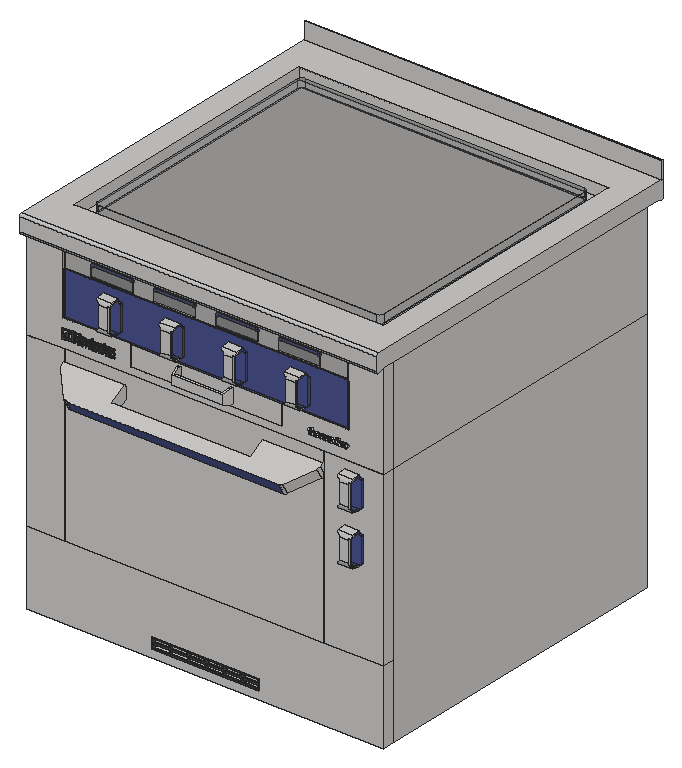
Revit family "QF_ELECTROLUXPROFESSIONAL_588421_MALMFBH8AO", category Attrezzature speciali, Revit 2020
Family settings
  Quota connettore circolare = Usa diametro
  Tipo di parte = Normale
  Basato su piano di lavoro = No
  Sempre verticale = Sì
  Taglio con vuoti quando caricato = No
  Condiviso = No
  Punto di calcolo locali = No
Parameters (values of type "Standard")
  Weight = 208.00 kg
  Watts = 17300 W
  Volts = 400 V
  URL Manufacturer = "https://www.electroluxprofessional.com/"
  URL = "https://www.electroluxprofessional.com/"
  Steam Supply Size = 0"
  Steam Supply Minimum Pressure = 0.00 psi
  Steam Supply Maximum Pressure = 0.00 psi
  Steam Consumption per Hour = 0
  Refrigeration Suction Line Size = 0 mm
  Refrigeration Liquid Line Size = 0 mm
  Refrigerant Compressor Remote = yes
  Prospetto di default = 0 mm
  Phase = 3
  Modello = "MALMFBH8AO"
  Produttore = "Electrolux Professional"
  Length Actual = 800 mm  # constant formula
  Item Number = "588421"
  Hot Water Size = 0"
  Height Actual = 800 mm  # constant formula
  HP = "23.2 HP"
  Gas Size = 0"
  Gas KW = 0
  Gas Input Pressure = 0.0 Btu/h
  Direct Waste Size = 0"
  Descrizione = "EL.SOLID T,ECO,ST.OV,1S,BS,800X800X800H"
  Depth Actual = 800 mm  # constant formula
  Cycle = 50 Hz
  Condensate Return Size = 0"
  Compressed Air Volume = 0 GPM
  Compressed Air Size = 0"
  Compressed Air Pressure = 0.00 psi
  Cold Water Size = 0"
  Accessory = yes
Reference planes
  plane 1 "BACK": y = 0
  plane 2: z = 0
  plane 3 "LEFT": x = 0
  plane 4 "RIGHT": x = 800
  plane 5 "FRONT": y = -800
  plane 6 "TOP": z = 900
  plane 7 "Center (Left/Right)": x = 400
  plane 8: y = -400
  plane 9: z = 100
  plane 10: y = -150
  plane 11 "Panel": y = -755
  plane 12: z = 798
  plane 13: z = 1327
  plane 14: x = 78
  plane 15: x = 722
  plane 16: y = -150
  plane 17: y = -650
  plane 18 "EIx": x = 755
  plane 19 "EIy": y = -585
Forms (mm)
  Extrusion 1, solid, material "QF_Finishes_Stainless Steel"
    sketch origin (-178.969, -4572, 100) x (-1, 0, 0) y (0, -1, 0)
      loop
        line (-178.969, -4527) -> (-178.969, -3817) -> (-978.969, -3817) -> (-978.969, -4527) -> (-178.969, -4527)
    from 550 to 763
  Extrusion 2, solid, material "QF_Finishes_Stainless Steel"
    sketch origin (0, 0, 0) x (0, 1, 0) y (0, 0, 1)
      loop
        line (-755, 100) -> (-755, 265) -> (-780, 265) -> (-780, 100) -> (-755, 100)
    from 0 to 800
  Extrusion 3, solid, material "QF_Finishes_Stainless Steel"
    sketch origin (-588.969, -4562, 100) x (-1, 0, 0) y (0, -1, 0)
      loop
        circle (-1343.969, -3977) r 6.35
    from 0 to -11.851
  Extrusion 4, solid, material "QF_Finishes_Stainless Steel"
    sketch origin (400, 296.4, 1219.2) x (0, 1, 0) y (0, 0, 1)
      loop
        line (-296.4, -319.2) -> (-1091.4, -319.2)
        arc (-1091.4, -319.2) -> (-1094.935, -320.664) -> (-1096.4, -324.2) r 5
        line (-1096.4, -324.2) -> (-1096.4, -355.2)
        arc (-1096.4, -355.2) -> (-1094.971, -358.264) -> (-1091.705, -359.139) r 4
        line (-1091.705, -359.139) -> (-1076.4, -356.231) -> (-316.4, -356.231) -> (-301.094, -359.139)
        arc (-301.094, -359.139) -> (-297.829, -358.264) -> (-296.4, -355.2) r 4
        line (-296.4, -355.2) -> (-296.4, -319.2)
    from -400 to 400
  Extrusion 5, solid, material "QF_Finishes_Electrolux_Black Smoke Iluminated"
    sketch origin (0, 0, 900) x (-1, 0, 0) y (0, -1, 0)
      loop
        arc (-88, 109) -> (-80.929, 111.929) -> (-78, 119) r 10
        line (-78, 119) -> (-78, 680)
        arc (-78, 680) -> (-80.929, 687.071) -> (-88, 690) r 10
        line (-88, 690) -> (-712, 690)
        arc (-712, 690) -> (-719.071, 687.071) -> (-722, 680) r 10
        line (-722, 680) -> (-722, 119)
        arc (-722, 119) -> (-719.071, 111.929) -> (-712, 109) r 10
        line (-712, 109) -> (-88, 109)
    from 0 to -20
  Extrusion 6, solid, material "QF_Finishes_Stainless Steel"
    sketch origin (-178.969, -4572, 100) x (-1, 0, 0) y (0, -1, 0)
      loop
        line (-178.969, -4527) -> (-178.969, -3817) -> (-978.969, -3817) -> (-978.969, -4527) -> (-178.969, -4527)
    from 550 to 0
  Extrusion 7, void
    sketch origin (0, -755, 0) x (-1, 0, 0) y (0, 0, 1)
      loop
        line (-520, 116.594) -> (-280, 116.594) -> (-280, 141.594) -> (-520, 141.594) -> (-520, 116.594)
    from 0 to -25
  Extrusion 8, solid, material "QF_Finishes_Black"
    sketch origin (0, -755, 0) x (-1, 0, 0) y (0, 0, 1)
      loop
        line (-280, 141.594) -> (-520, 141.594) -> (-520, 116.594) -> (-280, 116.594) -> (-280, 141.594)
      loop
        line (-282, 139.594) -> (-319.131, 139.594) -> (-319.131, 130.094) -> (-282, 130.094) -> (-282, 139.594)
      loop
        line (-282, 118.594) -> (-282, 128.094) -> (-319.131, 128.094) -> (-319.131, 118.594) -> (-282, 118.594)
      loop
        line (-321.131, 139.594) -> (-359.066, 139.594) -> (-359.066, 130.094) -> (-321.131, 130.094) -> (-321.131, 139.594)
      loop
        line (-399, 139.594) -> (-399, 130.094) -> (-361.066, 130.094) -> (-361.066, 139.594) -> (-399, 139.594)
      loop
        line (-401, 139.594) -> (-438.934, 139.594) -> (-438.934, 130.094) -> (-401, 130.094) -> (-401, 139.594)
      loop
        line (-359.066, 118.594) -> (-321.131, 118.594) -> (-321.131, 128.094) -> (-359.066, 128.094) -> (-359.066, 118.594)
      loop
        line (-361.066, 118.594) -> (-361.066, 128.094) -> (-399, 128.094) -> (-399, 118.594) -> (-361.066, 118.594)
      loop
        line (-401, 128.094) -> (-438.934, 128.094) -> (-438.934, 118.594) -> (-401, 118.594) -> (-401, 128.094)
      loop
        line (-518, 139.594) -> (-518, 130.094) -> (-480.869, 130.094) -> (-480.869, 139.594) -> (-518, 139.594)
      loop
        line (-518, 118.594) -> (-480.869, 118.594) -> (-480.869, 128.094) -> (-518, 128.094) -> (-518, 118.594)
      loop
        line (-478.869, 139.594) -> (-478.869, 130.094) -> (-440.934, 130.094) -> (-440.934, 139.594) -> (-478.869, 139.594)
      loop
        line (-440.934, 118.594) -> (-440.934, 128.094) -> (-478.869, 128.094) -> (-478.869, 118.594) -> (-440.934, 118.594)
    from -25.03 to -20
  Extrusion 9, void
    sketch origin (0, 0, 900) x (-1, 0, 0) y (0, -1, 0)
      loop
        line (-53, 715) -> (-747, 715) -> (-747, 84) -> (-53, 84) -> (-53, 715)
    from 0 to -25
  Extrusion 10, solid, material "QF_Finishes_Stainless Steel"
    sketch origin (0, 0, 900) x (-1, 0, 0) y (0, -1, 0)
      loop
        line (-82, 113) -> (-82, 686) -> (-718, 686) -> (-718, 113) -> (-82, 113)
    from -20 to -25
  Extrusion 11, solid, material "QF_Finishes_Stainless Steel"
    sketch origin (400, 296.4, 1219.2) x (0, 1, 0) y (0, 0, 1)
      loop
        line (-299.4, -319.2) -> (-296.4, -319.2) -> (-296.4, -281.2) -> (-299.4, -281.2) -> (-299.4, -319.2)
    from -400 to 400
Cuts and joins
  Extrusion 7 cuts Extrusion 6
  Extrusion 7 cuts Extrusion 2
  Extrusion 9 cuts Extrusion 4
Lines and regions (mm)
  symbolic lines
    curve 1: line (0, 0, 100) -> (800, 0, 100)
    curve 2: line (0, -800, 100) -> (0, 0, 100)
    curve 3: line (800, -800, 100) -> (0, -800, 100)
    curve 4: line (800, 0, 100) -> (800, -800, 100)
    curve 5: line (712, -109, 100) -> (88, -109, 100)
    curve 6: line (78, -119, 100) -> (78, -680, 100)
    curve 7: line (88, -690, 100) -> (712, -690, 100)
    curve 8: line (722, -680, 100) -> (722, -119, 100)
    curve 9: arc (88, -109, 100) -> (80.929, -111.929, 100) -> (78, -119, 100) r 10
    curve 10: arc (722, -119, 100) -> (719.071, -111.929, 100) -> (712, -109, 100) r 10
    curve 11: arc (712, -690, 100) -> (719.071, -687.071, 100) -> (722, -680, 100) r 10
    curve 12: arc (78, -680, 100) -> (80.929, -687.071, 100) -> (88, -690, 100) r 10
    curve 13: line (747, -84, 900) -> (53, -84, 900)
    curve 14: line (53, -84, 900) -> (53, -715, 900)
    curve 15: line (747, -715, 900) -> (747, -84, 900)
    curve 16: line (53, -715, 900) -> (747, -715, 900)
  model lines, style "SpecialityEquipment"
    curve 17: arc (584, -161, 900) -> (530.967, -289.033, 900) -> (659, -236, 900) r 75
    curve 18: line (639, -236, 900) -> (679, -236, 900)
    curve 19: line (679, -236, 900) -> (659, -216, 900)
    curve 20: line (639, -236, 900) -> (659, -216, 900)
    curve 21: arc (216, -161, 900) -> (162.967, -289.033, 900) -> (291, -236, 900) r 75
    curve 22: line (271, -236, 900) -> (311, -236, 900)
    curve 23: line (311, -236, 900) -> (291, -216, 900)
    curve 24: line (271, -236, 900) -> (291, -216, 900)
    curve 25: arc (584, -489, 900) -> (530.967, -617.033, 900) -> (659, -564, 900) r 75
    curve 26: line (639, -564, 900) -> (679, -564, 900)
    curve 27: line (679, -564, 900) -> (659, -544, 900)
    curve 28: line (639, -564, 900) -> (659, -544, 900)
    curve 29: arc (216, -489, 900) -> (162.967, -617.033, 900) -> (291, -564, 900) r 75
    curve 30: line (271, -564, 900) -> (311, -564, 900)
    curve 31: line (311, -564, 900) -> (291, -544, 900)
    curve 32: line (271, -564, 900) -> (291, -544, 900)
Dimensions and locks
  plane 3 "LEFT" to plane 4 "RIGHT" = 800 mm
  plane 5 "FRONT" to plane 1 "BACK" = 800 mm
  equal spacing: plane 3 "LEFT", plane 7 "Center (Left/Right)", plane 4 "RIGHT"
  equal spacing: plane 5 "FRONT", plane 8, plane 1 "BACK"
  plane 6 "TOP" to level = 900 mm  (x2)
  plane 9 to level = 100 mm
  plane 1 "BACK" to plane 10 to plane 11 "Panel" = 150 mm, 605 mm  (x2)
  plane 6 "TOP" to plane 9 to level = 800 mm, 100 mm
  plane 1 "BACK" to plane 5 "FRONT" = 800 mm
  plane 1 "BACK" to Extrusion 3 = 585 mm
  plane 12 to plane 9 = 698 mm
  plane 13 to plane 6 "TOP" = 427 mm
  plane 6 "TOP" to plane 12 = 102 mm
  plane 14 to plane 3 "LEFT" = 78 mm
  plane 15 to plane 4 "RIGHT" = 78 mm
  locked: plane 1 "BACK" to plane 16 at 150
  locked: plane 16 to plane 17 at 500
  plane 11 "Panel" to plane 5 "FRONT" = 45 mm
  plane 18 "EIx" to plane 4 "RIGHT" = 45 mm
  plane 19 "EIy" to plane 1 "BACK" = 585 mm
  aligned and locked: level to plane 2
  aligned and locked: Extrusion 2 to plane 4 "RIGHT"
  aligned and locked: plane 3 "LEFT" to nested 1
  aligned and locked: nested 1 to nested 4
  aligned and locked: cut or joined group of Extrusion 2, Extrusion 7 to nested 1
Automatic sketch dimensions
  Extrusion 2 sketch curve to plane 9 = 0 mm
  Extrusion 2 sketch curve to plane 11 "Panel" = 0 mm
  Extrusion 2 sketch curve to plane 5 "FRONT" = 20 mm
  plane 9 to Extrusion 2 sketch curve = 165 mm
  Extrusion 3 sketch curve to plane 18 "EIx" = 0 mm
  Extrusion 3 sketch curve to plane 19 "EIy" = 0 mm
  Extrusion 4 sketch curve to plane 5 "FRONT" = 0 mm
  Extrusion 4 sketch curve to plane 6 "TOP" = 0 mm
  Extrusion 4 sketch curve to plane 1 "BACK" = 0 mm
  Extrusion 4 sketch curve to plane 5 "FRONT" = 4 mm
  Extrusion 4 sketch curve to Extrusion 4 sketch curve = 0.695 mm
  Extrusion 4 sketch curve to plane 5 "FRONT" = 5 mm
  Extrusion 4 sketch curve to Extrusion 4 sketch curve = 15.305 mm
  plane 1 "BACK" to Extrusion 4 sketch curve = 20 mm
  plane 1 "BACK" to Extrusion 4 sketch curve = 4.695 mm
  Extrusion 4 sketch curve to Extrusion 4 sketch curve = 4 mm
  Extrusion 4 sketch curve to Extrusion 4 sketch curve = 31 mm
  Extrusion 4 sketch curve to plane 6 "TOP" = 36 mm
  Extrusion 4 sketch curve to Extrusion 4 sketch curve = 2.909 mm
  Extrusion 5 sketch curve to plane 15 = 0 mm
  Extrusion 5 sketch curve to plane 14 = 0 mm
  plane 15 to Extrusion 5 sketch curve = 10 mm  (x2)
  Extrusion 5 sketch curve to Extrusion 5 sketch curve = 10 mm  (x2)
  plane 10 to Extrusion 5 sketch curve = 41 mm
  plane 17 to Extrusion 5 sketch curve = 30 mm
  plane 9 to Extrusion 7 sketch curve = 41.594 mm
  plane 7 "Center (Left/Right)" to Extrusion 7 sketch curve = 120 mm
  Extrusion 7 sketch curve to plane 7 "Center (Left/Right)" = 120 mm
  plane 9 to Extrusion 7 sketch curve = 16.594 mm
  plane 9 to Extrusion 8 sketch curve = 41.594 mm
  plane 7 "Center (Left/Right)" to Extrusion 8 sketch curve = 120 mm
  Extrusion 8 sketch curve to Extrusion 8 sketch curve = 2 mm  (x15)
  Extrusion 8 sketch curve to Extrusion 8 sketch curve = 0 mm  (x16)
  Extrusion 8 sketch curve to Extrusion 8 sketch curve = 37.131 mm  (x2)
  Extrusion 8 sketch curve to Extrusion 8 sketch curve = 37.934 mm  (x3)
  plane 7 "Center (Left/Right)" to Extrusion 8 sketch curve = 1 mm  (x2)
  Extrusion 8 sketch curve to plane 7 "Center (Left/Right)" = 1 mm  (x2)
  plane 9 to Extrusion 8 sketch curve = 18.594 mm  (x4)
  Extrusion 8 sketch curve to Extrusion 8 sketch curve = 9.5 mm  (x6)
  plane 18 "EIx" to Extrusion 9 sketch curve = 8 mm
  plane 14 to Extrusion 9 sketch curve = 25 mm
  plane 10 to Extrusion 9 sketch curve = 66 mm
  plane 11 "Panel" to Extrusion 9 sketch curve = 40 mm
  Extrusion 10 sketch curve to plane 14 = 4 mm
  plane 15 to Extrusion 10 sketch curve = 4 mm
  plane 17 to Extrusion 10 sketch curve = 36 mm
  plane 10 to Extrusion 10 sketch curve = 37 mm
  Extrusion 1 sketch curve to plane 4 "RIGHT" = 0 mm
  Extrusion 1 sketch curve to plane 3 "LEFT" = 0 mm
  Extrusion 1 sketch curve to plane 11 "Panel" = 0 mm
  plane 1 "BACK" to Extrusion 1 sketch curve = 45 mm
  plane 1 "BACK" to curve 1 = 0 mm
  curve 1 to plane 4 "RIGHT" = 0 mm
  curve 8 to plane 15 = 0 mm
  curve 6 to plane 14 = 0 mm
  curve 2 to plane 3 "LEFT" = 0 mm
  plane 5 "FRONT" to curve 3 = 0 mm
  plane 15 to curve 5 = 10 mm
  curve 11 to curve 11 = 10 mm
  curve 5 to plane 14 = 10 mm
  curve 12 to curve 6 = 10 mm
  plane 10 to curve 5 = 41 mm
  plane 17 to curve 11 = 30 mm
  Extrusion 6 sketch curve to plane 4 "RIGHT" = 0 mm
  Extrusion 6 sketch curve to plane 3 "LEFT" = 0 mm
  Extrusion 6 sketch curve to plane 11 "Panel" = 0 mm
  plane 1 "BACK" to Extrusion 6 sketch curve = 45 mm
  curve 20 to curve 17 = 55 mm
  curve 26 to curve 25 = 55 mm
  curve 19 to curve 18 = 20 mm
  curve 26 to curve 27 = 20 mm
  curve 18 to curve 19 = 20 mm
  plane 18 "EIx" to curve 13 = 8 mm
  curve 31 to plane 7 "Center (Left/Right)" = 89 mm
  curve 23 to plane 7 "Center (Left/Right)" = 89 mm
  curve 22 to curve 24 = 20 mm
  curve 30 to curve 31 = 20 mm
  curve 23 to curve 22 = 20 mm
  curve 31 to curve 30 = 20 mm
  curve 22 to curve 21 = 55 mm
  curve 30 to curve 29 = 55 mm
  plane 14 to curve 14 = 25 mm
  plane 10 to curve 13 = 66 mm
  plane 11 "Panel" to curve 16 = 40 mm
  curve 29 to curve 30 = 20 mm
  curve 27 to curve 26 = 40 mm
  curve 25 to curve 26 = 20 mm
  plane 15 to curve 19 = 43 mm
  curve 17 to curve 18 = 20 mm
  curve 21 to curve 22 = 20 mm
  Extrusion 11 sketch curve to plane 6 "TOP" = 0 mm
  Extrusion 11 sketch curve to plane 1 "BACK" = 0 mm
  Extrusion 11 sketch curve to Extrusion 11 sketch curve = 3 mm
  Extrusion 11 sketch curve to Extrusion 11 sketch curve = 38 mm
  plane 19 "EIy" to curve 27 = 21 mm
  plane 15 to curve 27 = 43 mm
  curve 23 to plane 10 = 66 mm
  curve 19 to plane 10 = 66 mm
  plane 19 "EIy" to curve 32 = 41 mm
  radius of Extrusion 3 sketch curve = 6.35 mm
Nested families
  nested 1: "Door_Panel_W800_A" at (300, -755, 0), type "Door_Panel_W800_A"
  nested 2: "FIT Range Control Handle" at (730, -783.167, -372.751), type "FIT Range Control Handle"
  nested 3: "FIT Range Control Handle" at (730, -783.167, -484.751), type "FIT Range Control Handle"
  nested 4: "Front_Panel_W800_Four Knobs" at (202.376, -755, 0), type "Front_Panel_W800_Four Knobs"
Connectors
  electrical at (755, -585, 88.149)
    settings: on Extrusion 3, index 1, voltage 400 V, apparent load 33000 VA, apparent load phase1 0 VA, apparent load phase2 0 VA, apparent load phase3 0 VA, power factor 1, load classification "Other", number of poles 1, system type 30, power factor state 1, is connector primary yes, connector utility no, sub classification motor no, connector description "ELECTRICAL CONNECTION"
Definition of nested family "Door_Panel_W800_A"
  Parameters
    Default Elevation = 0 mm
  Reference planes
    plane 1 "Center (Front/Back)": y = 0
    plane 2 "Ref. Level": z = 0
    plane 3: x = 500
    plane 4: x = -300
    plane 5 "Center (Left/Right)": x = 100
    plane 6: x = -215
    plane 7: x = 365
    plane 8 "Manopola": through (-6096, -50.059, 612.389) normal (0, -0.515, 0.8572)
    plane 9 "Top": z = 650
    plane 10: z = 265
    plane 11: z = 200
  Forms (mm)
    Extrusion 1, solid
      sketch origin (100, 0, 0) x (0, 1, 0) y (0, 0, 1)
        loop
          line (-25.03, 650) -> (-25.03, 265) -> (0, 265) -> (0, 650) -> (-25.03, 650)
      from 265 to 400
    Extrusion 2, solid
      sketch origin (100, 0, 0) x (0, 1, 0) y (0, 0, 1)
        loop
          line (-25.03, 650) -> (-25.03, 265) -> (0, 265) -> (0, 650) -> (-25.03, 650)
      from -400 to -315
    Extrusion 3, solid
      sketch origin (100, 0, 0) x (0, 1, 0) y (0, 0, 1)
        loop
          line (-25.03, 650) -> (-25.03, 265) -> (0, 265) -> (0, 650) -> (-25.03, 650)
      from -315 to 265
    Extrusion 4, solid
      sketch origin (0, -283.633, 472.044) x (0, 0.857167, 0.515038) y (-1, 0, 0)
        loop
          line (299.12, -365) -> (299.12, 215) -> (290.982, 215)
          arc (290.982, 215) -> (286.677, 214.026) -> (283.211, 211.293) r 10
          line (283.211, 211.293) -> (233.28, 170.86)
          arc (233.28, 170.86) -> (230.548, 167.394) -> (229.574, 163.089) r 10
          line (229.574, 163.089) -> (229.574, -313.089)
          arc (229.574, -313.089) -> (230.548, -317.394) -> (233.28, -320.86) r 10
          line (233.28, -320.86) -> (283.211, -361.293)
          arc (283.211, -361.293) -> (286.677, -364.026) -> (290.982, -365) r 10
          line (290.982, -365) -> (299.12, -365)
      from -27 to 0
    Extrusion 5, void
      sketch origin (100, 0, 0) x (0, 1, 0) y (0, 0, 1)
        loop
          line (-61.514, 605.507) -> (-47.608, 582.363) -> (-25.03, 595.93) -> (-25.03, 627.429) -> (-61.514, 605.507)
      from -180 to 130
    Extrusion 6, solid, detail levels coarse
      sketch origin (100, 0, 0) x (0, 1, 0) y (0, 0, 1)
        loop
          line (-25.03, 265) -> (-25.03, 650)
          arc (-25.03, 650) -> (-297.266, 537.236) -> (-410.03, 265) r 385
          line (-410.03, 265) -> (-25.03, 265)
      from -315 to 265
  Cuts and joins
    Extrusion 5 cuts Extrusion 4
    joined: Extrusion 3, Extrusion 4
  Lines and regions (mm)
    symbolic lines
      curve 1: line (-207.355, -45.043, 0) -> (-170.86, -83.673, 0)
      curve 2: line (-163.089, -86.85, 0) -> (313.089, -86.85, 0)
      curve 3: line (320.86, -83.673, 0) -> (357.355, -45.043, 0)
      curve 4: arc (-163.089, -86.85, 0) -> (-167.318, -86.101, 0) -> (-170.86, -83.673, 0) r 10.165
      curve 5: arc (313.089, -86.85, 0) -> (317.318, -86.101, 0) -> (320.86, -83.673, 0) r 10.165
      curve 6: line (-215, -45.043, 0) -> (-215, -410.03, 0)
      curve 7: line (-215, -410.03, 0) -> (365, -410.03, 0)
      curve 8: line (365, -410.03, 0) -> (365, -45.03, 0)
  Dimensions and locks
    plane 3 to plane 4 = 800 mm
    plane 4 to plane 3 = 800 mm
    equal spacing: plane 3, plane 5 "Center (Left/Right)", plane 4
    plane 6 to plane 4 = 85 mm
    plane 3 to plane 7 = 135 mm
    plane 11 to level = 200 mm
    plane 10 to plane 11 = 65 mm
    plane 10 to plane 9 "Top" = 385 mm
    plane 9 "Top" to plane 11 = 450 mm
    aligned and locked: plane 3 to Extrusion 1
    aligned and locked: cut or joined group of Extrusion 3, Extrusion 4, Extrusion 5 to plane 6
    aligned and locked: cut or joined group of Extrusion 3, Extrusion 4, Extrusion 5 to plane 7
    aligned and locked: plane 7 to Extrusion 1
    aligned and locked: plane 6 to Extrusion 2
    aligned and locked: Extrusion 2 to plane 4
    aligned and locked: plane 10 to Extrusion 2
    aligned and locked: plane 10 to cut or joined group of Extrusion 3, Extrusion 4, Extrusion 5
    aligned and locked: plane 10 to Extrusion 1
    aligned and locked: Extrusion 6 to plane 6
    aligned and locked: Extrusion 6 to plane 7
  Automatic sketch dimensions
    Extrusion 5 sketch curve to plane 8 "Manopola" = 0 mm  (x2)
    plane 1 "Center (Front/Back)" to Extrusion 5 sketch curve = 61.514 mm
    Extrusion 5 sketch curve to Extrusion 5 sketch curve = 13.906 mm
    plane 1 "Center (Front/Back)" to Extrusion 5 sketch curve = 25.03 mm
    Extrusion 4 sketch curve to plane 7 = 0 mm
    Extrusion 4 sketch curve to plane 6 = 0 mm
    plane 6 to Extrusion 4 sketch curve = 51.911 mm
    plane 7 to Extrusion 4 sketch curve = 44.14 mm
    Extrusion 4 sketch curve to Extrusion 4 sketch curve = 3.707 mm  (x2)
    plane 6 to Extrusion 4 sketch curve = 44.14 mm
    plane 7 to Extrusion 4 sketch curve = 3.707 mm
    Extrusion 4 sketch curve to Extrusion 4 sketch curve = 49.93 mm  (x2)
    plane 6 to Extrusion 4 sketch curve = 3.707 mm
    Extrusion 4 sketch curve to Extrusion 4 sketch curve = 7.771 mm  (x3)
    Extrusion 4 sketch curve to Extrusion 4 sketch curve = 8.138 mm
    Extrusion 2 sketch curve to plane 1 "Center (Front/Back)" = 0 mm
    Extrusion 3 sketch curve to plane 1 "Center (Front/Back)" = 0 mm
    Extrusion 1 sketch curve to plane 1 "Center (Front/Back)" = 0 mm
    Extrusion 2 sketch curve to plane 9 "Top" = 0 mm
    Extrusion 2 sketch curve to Extrusion 2 sketch curve = 25.03 mm
    Extrusion 3 sketch curve to plane 9 "Top" = 0 mm
    Extrusion 3 sketch curve to Extrusion 3 sketch curve = 25.03 mm
    Extrusion 1 sketch curve to plane 9 "Top" = 0 mm
    plane 1 "Center (Front/Back)" to Extrusion 1 sketch curve = 25.03 mm
    level to Extrusion 1 sketch curve = 265 mm
    level to Extrusion 2 sketch curve = 265 mm
    level to Extrusion 3 sketch curve = 265 mm
    plane 10 to Extrusion 6 sketch curve = 0 mm
    Extrusion 6 sketch curve to plane 9 "Top" = 0 mm
    plane 1 "Center (Front/Back)" to Extrusion 6 sketch curve = 25.03 mm
    curve 7 to plane 7 = 0 mm
    plane 6 to curve 1 = 44.14 mm
    curve 4 to curve 4 = 7.389 mm
    curve 4 to curve 2 = 7.771 mm
    plane 7 to curve 2 = 51.911 mm
    curve 2 to curve 5 = 0.382 mm
    curve 2 to curve 3 = 7.771 mm
    plane 1 "Center (Front/Back)" to curve 6 = 410.03 mm
    plane 1 "Center (Front/Back)" to curve 2 = 86.85 mm
    curve 2 to curve 3 = 3.177 mm
    curve 2 to curve 1 = 3.177 mm
    plane 7 to curve 3 = 7.645 mm
    plane 1 "Center (Front/Back)" to curve 3 = 45.043 mm
    curve 3 to curve 8 = 0.013 mm
    curve 7 to plane 6 = 0 mm
    curve 6 to curve 1 = 7.645 mm
    plane 1 "Center (Front/Back)" to curve 1 = 45.043 mm
    curve 6 to curve 1 = 0 mm
Definition of nested family "FIT Range Control Handle"
  Parameters
    Default Elevation = 0 mm
  Reference planes
    plane 1 "Center (Front/Back)": y = 0
    plane 2: z = 0
    plane 3 "Center (Left/Right)": x = 0
    plane 4: z = 971.092
    plane 5: y = -16.8
  Forms (mm)
    Extrusion 1, solid
      sketch origin (-746.28, 380.497, 208.931) x (-1, 0, 0) y (0, 0, 1)
        loop
          line (-770.101, 786.798) -> (-770.101, 731.649)
          arc (-770.101, 731.649) -> (-769.759, 730.563) -> (-768.855, 729.87) r 1.893
          line (-768.855, 729.87) -> (-763.474, 727.911) -> (-729.81, 727.911) -> (-724.428, 729.87)
          arc (-724.428, 729.87) -> (-723.525, 730.563) -> (-723.183, 731.649) r 1.893
          line (-723.183, 731.649) -> (-723.183, 786.798)
          arc (-723.183, 786.798) -> (-723.529, 787.894) -> (-724.44, 788.593) r 1.91
          line (-724.44, 788.593) -> (-729.683, 790.819) -> (-763.601, 790.819) -> (-768.844, 788.593)
          arc (-768.844, 788.593) -> (-769.755, 787.894) -> (-770.101, 786.798) r 1.91
      from -382.35 to -378.852
    Sweep 2, solid
      path origin (-746.788, 380.496, 208.091) x (0, -1, 0) y (0, 0, 1)
        loop
          line (379.775, 793.281) -> (395.661, 791.048)
          arc (395.661, 791.048) -> (397.781, 787.377) -> (398.517, 783.202) r 12.207
          line (398.517, 783.202) -> (398.517, 737.368)
          arc (398.517, 737.368) -> (397.781, 733.193) -> (395.661, 729.522) r 12.207
          line (395.661, 729.522) -> (379.775, 727.289)
      profile origin (-746.788, -7.222, 1000.256) x (0, -0.139173, 0.990268) y (-1, 0, 0)
        loop
          line (0.782, -763.123) -> (0.782, -730.907) -> (-1.322, -730.907) -> (-1.322, -763.123) -> (0.782, -763.123)
    Sweep 3, solid
      path origin (-746.788, 380.715, 207.832) x (0, -1, 0) y (0, 0, 1)
        loop
          line (380.478, 795.442) -> (397.218, 793.09)
          arc (397.218, 793.09) -> (399.929, 788.473) -> (400.871, 783.202) r 15.207
          line (400.871, 783.202) -> (400.871, 737.584)
          arc (400.871, 737.584) -> (399.914, 732.274) -> (397.164, 727.633) r 15.207
          line (397.164, 727.633) -> (380.601, 725.305)
      profile origin (-746.788, -8.132, 1002.099) x (0, -0.139173, 0.990268) y (-1, 0, 0)
        loop
          line (0.782, -763.123) -> (0.782, -730.907) -> (-1.322, -730.907) -> (-1.322, -763.123) -> (0.782, -763.123)
    Extrusion 4, void
      sketch origin (889.253, 220.666, 207.993) x (1, 0, 0) y (0, 0, 1)
        loop
          line (-943.038, 816.854) -> (-943.038, 703.686) -> (-899.466, 734.196) -> (-899.466, 786.344) -> (-943.038, 816.854)
      from 230.636 to 242.25
    Extrusion 5, void
      sketch origin (-888.8, 220.666, 207.993) x (-1, 0, 0) y (0, 0, -1)
        loop
          line (-943.038, -816.854) -> (-899.466, -786.344) -> (-899.466, -734.196) -> (-943.038, -703.686) -> (-943.038, -816.854)
      from 230.636 to 242.25
    Extrusion 6, solid
      sketch origin (0, 0, 0) x (1, 0, 0) y (0, 0, 1)
        loop
          circle (0, 971.092) r 7.736
      from -3.137 to -1.645
  Cuts and joins
    Extrusion 4, Extrusion 5 cuts Sweep 3
    Extrusion 4, Extrusion 5 cuts Sweep 2
    joined: Extrusion 1, Extrusion 6
  Lines and regions (mm)
    symbolic lines
      curve 1: line (-15.881, -19.189, 0) -> (-15.881, -16.8, 0)
      curve 2: line (16.334, -19.189, 0) -> (16.334, -16.8, 0)
      curve 3: spline (-15.881, -19.189, 0) -> (-15.417, -19.349, 0) -> (-14.951, -19.501, 0) -> (-14.483, -19.646, 0) -> (-14.014, -19.783, 0) -> (-13.543, -19.912, 0) -> (-13.071, -20.033, 0) -> (-12.597, -20.146, 0) -> (-12.122, -20.251, 0) -> (-11.646, -20.349, 0) -> (-11.169, -20.438, 0) -> (-10.691, -20.52, 0) -> (-10.213, -20.593, 0)
      curve 4: spline (10.666, -20.593, 0) -> (11.144, -20.52, 0) -> (11.622, -20.438, 0) -> (12.099, -20.349, 0) -> (12.575, -20.251, 0) -> (13.05, -20.146, 0) -> (13.524, -20.033, 0) -> (13.996, -19.912, 0) -> (14.467, -19.783, 0) -> (14.936, -19.646, 0) -> (15.404, -19.501, 0) -> (15.87, -19.349, 0) -> (16.334, -19.189, 0)
      curve 5: line (-10.213, -20.938, 0) -> (10.716, -20.938, 0)
  Dimensions and locks
    cut or joined group of Sweep 3, Extrusion 4, Extrusion 5 to cut or joined group of Sweep 3, Extrusion 4, Extrusion 5 = 71.686 mm
Definition of nested family "Front_Panel_W800_Four Knobs"
  Parameters
    Default Elevation = 0 mm
  Reference planes
    plane 1 "Center (Front/Back)": y = 0
    plane 2: z = 0
    plane 3 "Center (Left/Right)": x = 197.624
    plane 4 "Left": x = -202.376
    plane 5 "Right": x = 597.624
    plane 6: y = -45
    plane 7: x = -12.376
    plane 8: x = 127.624
    plane 9: y = -310
    plane 10: y = -25
    plane 11: x = 517.624
    plane 12: x = -122.376
  Forms (mm)
    Extrusion 1, solid
      sketch origin (833.217, 829.203, -1.25) x (0, 1, 0) y (0, 0, 1)
        loop
          line (-854.203, 651.25) -> (-829.203, 651.25) -> (-829.203, 864.25) -> (-854.203, 864.25) -> (-854.203, 651.25)
      from -1035.593 to -235.593
    Extrusion 2, void
      sketch origin (0, 0, 0) x (1, 0, 0) y (0, 0, 1)
        loop
          line (-122.376, 853.866) -> (-122.376, 711.866) -> (517.624, 711.866) -> (517.624, 853.866) -> (-122.376, 853.866)
      from 19.387 to 33.951
    Extrusion 3, void
      sketch origin (0, 0, 0) x (1, 0, 0) y (0, 0, 1)
        loop
          line (30.124, 711.866) -> (30.124, 666.866) -> (370.124, 666.866) -> (370.124, 711.866) -> (30.124, 711.866)
      from 19.387 to 25
    Extrusion 4, solid
      sketch origin (0, 0, 0) x (1, 0, 0) y (0, 0, 1)
        loop
          line (31.124, 710.866) -> (31.124, 667.866) -> (369.124, 667.866) -> (369.124, 710.866) -> (31.124, 710.866)
      from 19.387 to 25
    Extrusion 5, solid
      sketch origin (0, 0, 0) x (1, 0, 0) y (0, 1, 0)
        loop
          line (141.059, -25) -> (135.966, -25) -> (140.646, -49.075) -> (254.603, -49.075) -> (259.283, -25) -> (254.189, -25) -> (250.481, -44.075) -> (144.767, -44.075) -> (141.059, -25)
      from 672.593 to 705.67
    Extrusion 6, void
      sketch origin (197.624, 0, 0) x (0, 1, 0) y (0, 0, 1)
        loop
          line (-30, 705.67) -> (-30, 710.67) -> (-56.744, 710.67) -> (-56.744, 667.593) -> (-30, 667.593) -> (-30, 672.593) -> (-53.776, 680.318) -> (-53.776, 697.945) -> (-30, 705.67)
      from -70 to 70
    Extrusion 7, solid, detail levels coarse
      sketch origin (0, -265, 0) x (1, 0, 0) y (0, 1, 0)
        loop
          line (140.646, -69.075) -> (254.603, -69.075) -> (259.283, -45) -> (364.124, -45) -> (364.124, 240) -> (31.124, 240) -> (31.124, -45) -> (135.966, -45) -> (140.646, -69.075)
      from 672.593 to 705.67
    Extrusion 8, void
      sketch origin (197.624, -280, 0) x (0, 1, 0) y (0, 0, 1)
        loop
          line (-30, 705.67) -> (-30, 710.67) -> (-56.744, 710.67) -> (-56.744, 667.593) -> (-30, 667.593) -> (-30, 672.593) -> (-53.776, 680.318) -> (-53.776, 697.945) -> (-30, 705.67)
      from -70 to 70
  Cuts and joins
    Extrusion 2, Extrusion 3 cuts Extrusion 1
    Extrusion 6, Extrusion 8 cuts Extrusion 5
    Extrusion 8 cuts Extrusion 7
  Lines and regions (mm)
    symbolic lines
      curve 1: line (31.124, -45, 0) -> (31.124, -310, 0)
      curve 2: line (31.124, -310, 0) -> (364.124, -310, 0)
      curve 3: line (135.966, -310, 0) -> (140.646, -334.075, 0)
      curve 4: line (140.646, -334.075, 0) -> (254.603, -334.075, 0)
      curve 5: line (254.603, -334.075, 0) -> (259.283, -310, 0)
      curve 6: line (364.124, -310, 0) -> (364.124, -45, 0)
      curve 7: line (31.124, -300, 0) -> (364.124, -300, 0)
      curve 8: line (140.874, -309.046, 0) -> (144.767, -329.075, 0)
      curve 9: line (144.767, -329.075, 0) -> (250.481, -329.075, 0)
      curve 10: line (250.481, -329.075, 0) -> (254.375, -309.046, 0)
  Dimensions and locks
    equal spacing: plane 5 "Right", plane 3 "Center (Left/Right)", plane 4 "Left"
    plane 5 "Right" to plane 4 "Left" = 800 mm
    plane 3 "Center (Left/Right)" to plane 7 = 210 mm
    plane 3 "Center (Left/Right)" to plane 8 = 70 mm
    plane 6 to plane 9 = 265 mm
    aligned and locked: cut or joined group of Extrusion 1, Extrusion 2, Extrusion 3 to plane 4 "Left"
    aligned and locked: plane 5 "Right" to cut or joined group of Extrusion 1, Extrusion 2, Extrusion 3
    aligned and locked: plane 3 "Center (Left/Right)" to nested 2
    aligned and locked: cut or joined group of Extrusion 1, Extrusion 2, Extrusion 3 to nested 2
  Automatic sketch dimensions
    plane 7 to Extrusion 3 sketch curve = 42.5 mm
    plane 3 "Center (Left/Right)" to Extrusion 3 sketch curve = 172.5 mm
    level to Extrusion 3 sketch curve = 666.866 mm
    Extrusion 3 sketch curve to Extrusion 3 sketch curve = 45 mm
    plane 7 to Extrusion 4 sketch curve = 43.5 mm
    plane 3 "Center (Left/Right)" to Extrusion 4 sketch curve = 171.5 mm
    level to Extrusion 4 sketch curve = 667.866 mm
    Extrusion 4 sketch curve to Extrusion 4 sketch curve = 43 mm
    plane 8 to Extrusion 5 sketch curve = 8.342 mm
    plane 6 to Extrusion 5 sketch curve = 4.075 mm
    plane 8 to Extrusion 5 sketch curve = 13.021 mm
    Extrusion 5 sketch curve to Extrusion 5 sketch curve = 5.094 mm  (x2)
    Extrusion 5 sketch curve to plane 6 = 0.925 mm
    Extrusion 5 sketch curve to Extrusion 5 sketch curve = 4.122 mm  (x2)
    plane 3 "Center (Left/Right)" to Extrusion 5 sketch curve = 52.857 mm
    Extrusion 5 sketch curve to plane 6 = 20 mm  (x2)
    Extrusion 5 sketch curve to Extrusion 5 sketch curve = 3.708 mm
    plane 6 to Extrusion 6 sketch curve = 11.744 mm
    plane 6 to Extrusion 6 sketch curve = 8.776 mm
    Extrusion 6 sketch curve to plane 6 = 15 mm  (x2)
    level to Extrusion 6 sketch curve = 667.593 mm
    Extrusion 6 sketch curve to Extrusion 6 sketch curve = 5 mm
    Extrusion 6 sketch curve to Extrusion 6 sketch curve = 12.725 mm  (x2)
    Extrusion 6 sketch curve to Extrusion 6 sketch curve = 17.627 mm
    Extrusion 6 sketch curve to Extrusion 6 sketch curve = 7.725 mm
    Extrusion 8 sketch curve to plane 9 = 26.744 mm
    Extrusion 8 sketch curve to plane 9 = 23.776 mm
    plane 9 to Extrusion 8 sketch curve = 0 mm  (x2)
    level to Extrusion 8 sketch curve = 667.593 mm
    Extrusion 8 sketch curve to Extrusion 8 sketch curve = 5 mm
    Extrusion 8 sketch curve to Extrusion 8 sketch curve = 12.725 mm  (x2)
    Extrusion 8 sketch curve to Extrusion 8 sketch curve = 17.627 mm
    Extrusion 8 sketch curve to Extrusion 8 sketch curve = 7.725 mm
    plane 9 to Extrusion 7 sketch curve = 0 mm  (x2)
    plane 7 to Extrusion 7 sketch curve = 43.5 mm
    plane 8 to Extrusion 7 sketch curve = 8.342 mm
    Extrusion 7 sketch curve to plane 9 = 24.075 mm
    plane 8 to Extrusion 7 sketch curve = 13.021 mm
    Extrusion 7 sketch curve to Extrusion 7 sketch curve = 104.842 mm
    Extrusion 7 sketch curve to plane 6 = 20 mm
    plane 3 "Center (Left/Right)" to Extrusion 7 sketch curve = 56.979 mm
    Extrusion 7 sketch curve to Extrusion 7 sketch curve = 4.68 mm
    Extrusion 1 sketch curve to plane 1 "Center (Front/Back)" = 0 mm
    level to Extrusion 1 sketch curve = 650 mm
    plane 4 "Left" to Extrusion 2 sketch curve = 80 mm
    Extrusion 2 sketch curve to plane 5 "Right" = 80 mm
    level to Extrusion 2 sketch curve = 711.866 mm
    Extrusion 2 sketch curve to Extrusion 2 sketch curve = 142 mm
    plane 6 to curve 1 = 0 mm
    plane 6 to curve 6 = 0 mm
    plane 9 to curve 1 = 0 mm
    plane 7 to curve 1 = 43.5 mm
    curve 4 to plane 9 = 24.075 mm
    plane 8 to curve 4 = 13.021 mm
    curve 3 to curve 8 = 4.122 mm
    plane 3 "Center (Left/Right)" to curve 4 = 56.979 mm
    curve 4 to curve 2 = 109.521 mm
    plane 8 to curve 3 = 8.342 mm
    curve 3 to curve 8 = 4.908 mm
    curve 9 to curve 4 = 4.122 mm
    curve 10 to plane 9 = 19.075 mm
    curve 9 to curve 5 = 8.801 mm
    plane 9 to curve 10 = 0.954 mm
    curve 10 to curve 5 = 4.908 mm
    curve 3 to curve 8 = 0.954 mm
    curve 1 to curve 7 = 10 mm
    Extrusion 1 sketch curve to plane 6 = 20 mm
    Extrusion 1 sketch curve to Extrusion 1 sketch curve = 213 mm
  Nested families
    nested 1: "Range Control Handle" at (-12.376, -28.137, -209.113) x (-1, 0, 0) z (0, 0, 1), type "Range Control Handle"
    nested 2: "Front glass control panel W800" at (197.624, 280.644, 2.752), type "Front glass control panel W800"
    nested 3: "Range Control Handle" at (127.624, -28.137, -209.113) x (-1, 0, 0) z (0, 0, 1), type "Range Control Handle"
    nested 4: "Range Control Handle" at (407.624, -28.137, -209.113), type "Range Control Handle"
    nested 5: "Range Control Handle" at (267.624, -28.137, -209.113), type "Range Control Handle"
    nested 6: "ELX_ThermaLine_Small" at (468.838, -25, 679.426) x (1, 0, 0) z (0, -1, 0), type "ELX_ThermaLine_Small"
      with Show Logo yes, Material_Logo none
    nested 7: "ELX_Professional_Logo_Small" at (-62.89, -25, 681.659) x (1, 0, 0) z (0, -1, 0), type "ELX_Professional_Logo_Small"
      with Show Logo yes, Material_Logo none
  Definition of nested family "Range Control Handle"
    Parameters
      Default Elevation = 0 mm
    Reference planes
      plane 1 "Center (Front/Back)": y = 0
      plane 2: z = 0
      plane 3 "Center (Left/Right)": x = 0
      plane 4: z = 971.092
      plane 5: y = -16.9
    Forms (mm)
      Extrusion 1, solid
        sketch origin (-746.28, 380.497, 208.931) x (-1, 0, 0) y (0, 0, 1)
          loop
            line (-770.101, 786.798) -> (-770.101, 731.649)
            arc (-770.101, 731.649) -> (-769.759, 730.563) -> (-768.855, 729.87) r 1.893
            line (-768.855, 729.87) -> (-763.474, 727.911) -> (-729.81, 727.911) -> (-724.428, 729.87)
            arc (-724.428, 729.87) -> (-723.525, 730.563) -> (-723.183, 731.649) r 1.893
            line (-723.183, 731.649) -> (-723.183, 786.798)
            arc (-723.183, 786.798) -> (-723.529, 787.894) -> (-724.44, 788.593) r 1.91
            line (-724.44, 788.593) -> (-729.683, 790.819) -> (-763.601, 790.819) -> (-768.844, 788.593)
            arc (-768.844, 788.593) -> (-769.755, 787.894) -> (-770.101, 786.798) r 1.91
        from -382.35 to -378.852
      Sweep 2, solid
        path origin (-746.788, 380.496, 208.091) x (0, -1, 0) y (0, 0, 1)
          loop
            line (379.775, 793.281) -> (395.661, 791.048)
            arc (395.661, 791.048) -> (397.781, 787.377) -> (398.517, 783.202) r 12.207
            line (398.517, 783.202) -> (398.517, 737.368)
            arc (398.517, 737.368) -> (397.781, 733.193) -> (395.661, 729.522) r 12.207
            line (395.661, 729.522) -> (379.775, 727.289)
        profile origin (-746.788, -7.222, 1000.256) x (0, -0.139173, 0.990268) y (-1, 0, 0)
          loop
            line (0.782, -763.123) -> (0.782, -730.907) -> (-1.322, -730.907) -> (-1.322, -763.123) -> (0.782, -763.123)
      Sweep 3, solid
        path origin (-746.788, 380.715, 207.832) x (0, -1, 0) y (0, 0, 1)
          loop
            line (380.478, 795.442) -> (397.218, 793.09)
            arc (397.218, 793.09) -> (399.929, 788.473) -> (400.871, 783.202) r 15.207
            line (400.871, 783.202) -> (400.871, 737.584)
            arc (400.871, 737.584) -> (399.914, 732.274) -> (397.164, 727.633) r 15.207
            line (397.164, 727.633) -> (380.601, 725.305)
        profile origin (-746.788, -8.132, 1002.099) x (0, -0.139173, 0.990268) y (-1, 0, 0)
          loop
            line (0.782, -763.123) -> (0.782, -730.907) -> (-1.322, -730.907) -> (-1.322, -763.123) -> (0.782, -763.123)
      Extrusion 4, void
        sketch origin (889.253, 220.666, 207.993) x (1, 0, 0) y (0, 0, 1)
          loop
            line (-943.038, 816.854) -> (-943.038, 703.686) -> (-899.466, 734.196) -> (-899.466, 786.344) -> (-943.038, 816.854)
        from 230.636 to 242.25
      Extrusion 5, void
        sketch origin (-888.8, 220.666, 207.993) x (-1, 0, 0) y (0, 0, -1)
          loop
            line (-943.038, -816.854) -> (-899.466, -786.344) -> (-899.466, -734.196) -> (-943.038, -703.686) -> (-943.038, -816.854)
        from 230.636 to 242.25
      Extrusion 6, solid
        sketch origin (0, 0, 0) x (1, 0, 0) y (0, 0, 1)
          loop
            circle (0, 971.092) r 7.736
        from -3.137 to -1.645
    Cuts and joins
      Extrusion 4, Extrusion 5 cuts Sweep 3
      Extrusion 4, Extrusion 5 cuts Sweep 2
      joined: Extrusion 1, Extrusion 6
    Lines and regions (mm)
      symbolic lines
        curve 1: line (16.334, -16.9, 0) -> (16.334, -19.227, 0)
        curve 2: spline (16.334, -19.227, 0) -> (15.87, -19.385, 0) -> (15.404, -19.536, 0) -> (14.936, -19.678, 0) -> (14.466, -19.813, 0) -> (13.995, -19.94, 0) -> (13.523, -20.059, 0) -> (13.049, -20.171, 0) -> (12.575, -20.274, 0) -> (12.099, -20.37, 0) -> (11.622, -20.458, 0) -> (11.144, -20.537, 0) -> (10.666, -20.609, 0)
        curve 3: line (10.666, -16.9, 0) -> (10.666, -20.938, 0)
        curve 4: line (-10.213, -20.938, 0) -> (10.666, -20.938, 0)
        curve 5: line (-10.213, -20.938, 0) -> (-10.213, -16.9, 0)
        curve 6: spline (-10.213, -20.609, 0) -> (-10.691, -20.537, 0) -> (-11.169, -20.458, 0) -> (-11.646, -20.37, 0) -> (-12.122, -20.274, 0) -> (-12.597, -20.171, 0) -> (-13.07, -20.059, 0) -> (-13.542, -19.94, 0) -> (-14.013, -19.813, 0) -> (-14.483, -19.678, 0) -> (-14.951, -19.536, 0) -> (-15.417, -19.385, 0) -> (-15.881, -19.227, 0)
        curve 7: line (-15.881, -19.227, 0) -> (-15.881, -16.9, 0)
  Definition of nested family "Front glass control panel W800"
    Parameters
      Default Elevation = 0 mm
    Reference planes
      plane 1 "Center (Front/Back)": y = 0
      plane 2: z = 0
      plane 3 "Center (Left/Right)": x = 0
    Forms (mm)
      Extrusion 1, solid
        sketch origin (378.286, 0, 0.617) x (1, 0, 0) y (0, 0, 1)
          loop
            line (-698.286, 806.791) -> (-698.286, 708.497) -> (-58.286, 708.497) -> (-58.286, 806.791) -> (-698.286, 806.791)
        from 300.031 to 304.8
      Extrusion 2, solid
        sketch origin (378.286, 0, 0.617) x (1, 0, 0) y (0, 0, 1)
          loop
            line (-698.286, 850.497) -> (-698.286, 806.791) -> (-58.286, 806.791) -> (-58.286, 850.497) -> (-698.286, 850.497)
        from 300.031 to 304.8
      Extrusion 3, void
        sketch origin (378.286, 0, 0.617) x (1, 0, 0) y (0, 0, 1)
          loop
            line (-695.628, 847.565) -> (-695.628, 710.699) -> (-61.196, 710.699) -> (-61.196, 847.565) -> (-695.628, 847.565)
        from 303.697 to 304.8
      Extrusion 4, solid
        sketch origin (-378.333, 1.101, -0.633) x (-1, 0, 0) y (0, 0, -1)
          loop
            line (-261.431, -812.62) -> (-355.186, -812.62) -> (-355.186, -834.177) -> (-350.269, -834.177) -> (-348.469, -835.977) -> (-268.039, -835.977) -> (-266.24, -834.177) -> (-261.431, -834.177) -> (-261.431, -812.62)
        from 304.798 to 306.745
      Extrusion 5, solid
        sketch origin (-378.333, 1.101, -0.633) x (-1, 0, 0) y (0, 0, -1)
          loop
            line (-350.269, -834.177) -> (-355.078, -834.177)
            arc (-355.078, -834.177) -> (-353.942, -838.747) -> (-349.686, -840.763) r 5.5
            line (-349.686, -840.763) -> (-266.98, -840.763)
            arc (-266.98, -840.763) -> (-262.706, -838.752) -> (-261.529, -834.177) r 5.549
            line (-261.529, -834.177) -> (-266.24, -834.177) -> (-268.039, -835.977) -> (-348.469, -835.977) -> (-350.269, -834.177)
        from 304.798 to 306.745
      Extrusion 6, solid
        sketch origin (-518.333, 1.101, -0.633) x (-1, 0, 0) y (0, 0, -1)
          loop
            line (-261.431, -812.62) -> (-355.186, -812.62) -> (-355.186, -834.177) -> (-350.269, -834.177) -> (-348.469, -835.977) -> (-268.039, -835.977) -> (-266.24, -834.177) -> (-261.431, -834.177) -> (-261.431, -812.62)
        from 304.798 to 306.745
      Extrusion 7, solid
        sketch origin (-518.333, 1.101, -0.633) x (-1, 0, 0) y (0, 0, -1)
          loop
            line (-350.269, -834.177) -> (-355.078, -834.177)
            arc (-355.078, -834.177) -> (-353.942, -838.747) -> (-349.686, -840.763) r 5.5
            line (-349.686, -840.763) -> (-266.98, -840.763)
            arc (-266.98, -840.763) -> (-262.706, -838.752) -> (-261.529, -834.177) r 5.549
            line (-261.529, -834.177) -> (-266.24, -834.177) -> (-268.039, -835.977) -> (-348.469, -835.977) -> (-350.269, -834.177)
        from 304.798 to 306.745
      Extrusion 8, solid
        sketch origin (378.333, 1.101, -0.633) x (1, 0, 0) y (0, 0, 1)
          loop
            line (-261.431, 812.62) -> (-261.431, 834.177) -> (-266.24, 834.177) -> (-268.039, 835.977) -> (-348.469, 835.977) -> (-350.269, 834.177) -> (-355.186, 834.177) -> (-355.186, 812.62) -> (-261.431, 812.62)
        from 304.798 to 306.745
      Extrusion 9, solid
        sketch origin (378.333, 1.101, -0.633) x (1, 0, 0) y (0, 0, 1)
          loop
            line (-350.269, 834.177) -> (-348.469, 835.977) -> (-268.039, 835.977) -> (-266.24, 834.177) -> (-261.529, 834.177)
            arc (-261.529, 834.177) -> (-262.706, 838.752) -> (-266.98, 840.763) r 5.549
            line (-266.98, 840.763) -> (-349.686, 840.763)
            arc (-349.686, 840.763) -> (-353.942, 838.747) -> (-355.078, 834.177) r 5.5
            line (-355.078, 834.177) -> (-350.269, 834.177)
        from 304.798 to 306.745
      Extrusion 10, solid
        sketch origin (518.333, 1.101, -0.633) x (1, 0, 0) y (0, 0, 1)
          loop
            line (-261.431, 812.62) -> (-261.431, 834.177) -> (-266.24, 834.177) -> (-268.039, 835.977) -> (-348.469, 835.977) -> (-350.269, 834.177) -> (-355.186, 834.177) -> (-355.186, 812.62) -> (-261.431, 812.62)
        from 304.798 to 306.745
      Extrusion 11, solid
        sketch origin (518.333, 1.101, -0.633) x (1, 0, 0) y (0, 0, 1)
          loop
            line (-350.269, 834.177) -> (-348.469, 835.977) -> (-268.039, 835.977) -> (-266.24, 834.177) -> (-261.529, 834.177)
            arc (-261.529, 834.177) -> (-262.706, 838.752) -> (-266.98, 840.763) r 5.549
            line (-266.98, 840.763) -> (-349.686, 840.763)
            arc (-349.686, 840.763) -> (-353.942, 838.747) -> (-355.078, 834.177) r 5.5
            line (-355.078, 834.177) -> (-350.269, 834.177)
        from 304.798 to 306.745
    Cuts and joins
      Extrusion 3 cuts Extrusion 1
      Extrusion 3 cuts Extrusion 2
    Dimensions and locks
      aligned and locked: Extrusion 1 to Extrusion 2
      aligned and locked: Extrusion 5 sketch curve to Extrusion 4  (x5)
      aligned and locked: Extrusion 5 to Extrusion 4
      aligned and locked: Extrusion 7 sketch curve to Extrusion 6  (x5)
      aligned and locked: Extrusion 7 to Extrusion 6
      aligned and locked: Extrusion 9 sketch curve to Extrusion 8  (x4)
      aligned and locked: Extrusion 8 to Extrusion 9 sketch curve
      aligned and locked: Extrusion 9 to Extrusion 8
      aligned and locked: Extrusion 11 sketch curve to Extrusion 10  (x4)
      aligned and locked: Extrusion 10 to Extrusion 11 sketch curve
      aligned and locked: Extrusion 11 to Extrusion 10
  Definition of nested family "ELX_ThermaLine_Small"
    Parameters
      Show Logo [instance] = yes
      Material_Logo [instance] = none
      Default Elevation = 0 mm
    Reference planes
      plane 1 "Centro (Fronte/Retro)": y = 0
      plane 2: z = 0
      plane 3 "Centro (Sinistra/Destra)": x = 0
    Forms (mm)
      Extrusion 1, solid
        sketch origin (0, 0, 0) x (1, 0, 0) y (0, 1, 0)
          loop
            line (-1219.2, 1219.2) -> (-1219.2, -1219.2) -> (1219.2, -1219.2) -> (1219.2, 1219.2) -> (-1219.2, 1219.2)
        from 0 to -304.8
      Extrusion 2, solid
        sketch origin (0, 0, 0) x (1, 0, 0) y (0, 1, 0)
          loop
            line (-37.494, 1.229) -> (-35.908, 1.229) -> (-35.908, 3.066) -> (-37.494, 3.066) -> (-37.494, 6.221) -> (-39.867, 4.881) -> (-39.867, 3.066) -> (-40.969, 3.066) -> (-40.969, 1.229) -> (-39.867, 1.229) -> (-39.867, -3.407)
            arc (-39.867, -3.407) -> (-38.982, -5.513) -> (-36.751, -6.001) r 2.478
            line (-36.751, -6.001) -> (-35.638, -5.7) -> (-35.9, -3.835) -> (-36.661, -4.039)
            arc (-36.661, -4.039) -> (-37.236, -3.924) -> (-37.494, -3.399) r 0.662
            line (-37.494, -3.399) -> (-37.494, 1.229)
          loop
            line (-34.242, 6.539) -> (-34.242, -5.848) -> (-31.854, -5.848) -> (-31.854, -0.078)
            arc (-31.854, -0.078) -> (-30.939, 1.249) -> (-29.33, 1.367) r 1.866
            arc (-29.33, 1.367) -> (-28.695, 0.768) -> (-28.461, -0.073) r 1.627
            line (-28.461, -0.073) -> (-28.461, -5.848) -> (-26.086, -5.848) -> (-26.064, -0.46)
            arc (-26.064, -0.46) -> (-26.261, 0.932) -> (-26.786, 2.237) r 5.825
            arc (-26.786, 2.237) -> (-29.381, 3.264) -> (-31.854, 1.971) r 3.353
            line (-31.854, 1.971) -> (-31.854, 6.539) -> (-34.242, 6.539)
          loop
            arc (-18.398, -0.598) -> (-18.893, 0.879) -> (-20.326, 1.487) r 1.897
            arc (-20.326, 1.487) -> (-21.461, 0.708) -> (-21.897, -0.598) r 2.164
            line (-21.897, -0.598) -> (-18.398, -0.598)
          loop
            arc (-16.021, -2.044) -> (-16.754, 1.227) -> (-19.444, 3.226) r 4.814
            arc (-19.444, 3.226) -> (-22.137, 2.788) -> (-23.943, 0.743) r 4.054
            arc (-23.943, 0.743) -> (-24.382, -1.249) -> (-24.162, -3.276) r 6.289
            arc (-24.162, -3.276) -> (-23.302, -4.71) -> (-21.958, -5.705) r 4.28
            arc (-21.958, -5.705) -> (-18.558, -5.814) -> (-16.152, -3.409) r 4.28
            line (-16.152, -3.409) -> (-18.5, -2.995)
            arc (-18.5, -2.995) -> (-19.273, -3.994) -> (-20.533, -4.076) r 1.536
            arc (-20.533, -4.076) -> (-21.56, -3.281) -> (-21.958, -2.044) r 2.197
            line (-21.958, -2.044) -> (-16.021, -2.044)
          loop
            line (-14.165, -5.848) -> (-11.819, -5.848) -> (-11.819, -2.138)
            arc (-11.819, -2.138) -> (-11.787, -1.156) -> (-11.637, -0.185) r 8.18
            arc (-11.637, -0.185) -> (-10.644, 0.972) -> (-9.132, 0.776) r 1.603
            line (-9.132, 0.776) -> (-8.419, 2.846)
            arc (-8.419, 2.846) -> (-10.432, 3.118) -> (-11.994, 1.821) r 2.527
            line (-11.994, 1.821) -> (-11.994, 3.094) -> (-14.165, 3.094) -> (-14.165, -5.848)
          loop
            line (-7.579, 3.094) -> (-7.579, -5.848) -> (-5.178, -5.848) -> (-5.178, -0.756)
            arc (-5.178, -0.756) -> (-4.727, 0.679) -> (-3.417, 1.419) r 2.05
            arc (-3.417, 1.419) -> (-2.499, 0.908) -> (-2.155, -0.085) r 1.471
            line (-2.155, -0.085) -> (-2.155, -5.848) -> (0.23, -5.848) -> (0.23, -1.001)
            arc (0.23, -1.001) -> (0.47, 0.127) -> (1.148, 1.061) r 2.775
            arc (1.148, 1.061) -> (2.225, 1.329) -> (3.05, 0.587) r 1.182
            arc (3.05, 0.587) -> (3.199, -0.019) -> (3.214, -0.642) r 2.894
            line (3.214, -0.642) -> (3.214, -5.848) -> (5.601, -5.848) -> (5.601, 0.261)
            arc (5.601, 0.261) -> (4.87, 2.263) -> (2.976, 3.241) r 2.932
            arc (2.976, 3.241) -> (1.284, 2.973) -> (-0.047, 1.896) r 3.309
            arc (-0.047, 1.896) -> (-1.116, 2.865) -> (-2.506, 3.258) r 3.16
            arc (-2.506, 3.258) -> (-4.105, 2.942) -> (-5.376, 1.92) r 3.419
            line (-5.376, 1.92) -> (-5.376, 3.094) -> (-7.579, 3.094)
          loop
            line (7.583, 0.738) -> (9.702, 0.364)
            arc (9.702, 0.364) -> (11.441, 1.492) -> (12.855, -0.023) r 1.613
            line (12.855, -0.023) -> (9.782, -0.789)
            arc (9.782, -0.789) -> (8.559, -1.346) -> (7.617, -2.305) r 3.687
            arc (7.617, -2.305) -> (7.499, -3.681) -> (7.901, -5.003) r 3.651
            arc (7.901, -5.003) -> (9.107, -5.766) -> (10.515, -6.006) r 3.635
            arc (10.515, -6.006) -> (11.898, -5.697) -> (13.067, -4.895) r 3.734
            line (13.067, -4.895) -> (13.376, -5.848) -> (15.75, -5.848) -> (15.212, -4.193) -> (15.212, 0.38)
            arc (15.212, 0.38) -> (14.897, 1.849) -> (13.818, 2.895) r 2.585
            arc (13.818, 2.895) -> (11.792, 3.442) -> (9.719, 3.11) r 5.005
            arc (9.719, 3.11) -> (8.369, 2.178) -> (7.583, 0.738) r 3.54
          loop
            line (19.723, -5.848) -> (22.233, -5.848) -> (24.854, 6.484) -> (22.345, 6.484) -> (19.723, -5.848)
          loop
            line (24.583, -5.848) -> (26.953, -5.848) -> (28.848, 3.066) -> (26.478, 3.066) -> (24.583, -5.848)
          loop
            line (27.204, 6.484) -> (26.741, 4.305) -> (29.111, 4.305) -> (29.575, 6.484) -> (27.204, 6.484)
          loop
            line (29.355, -5.848) -> (31.849, -5.848) -> (33.098, 0.028)
            arc (33.098, 0.028) -> (34.169, 1.306) -> (35.832, 1.422) r 2.132
            arc (35.832, 1.422) -> (36.324, 0.752) -> (36.383, -0.078) r 1.5
            line (36.383, -0.078) -> (35.157, -5.848) -> (37.536, -5.848) -> (38.936, 0.738)
            arc (38.936, 0.738) -> (38.775, 2.091) -> (37.825, 3.066) r 2.118
            arc (37.825, 3.066) -> (35.392, 3.175) -> (33.295, 1.937) r 4.271
            line (33.295, 1.937) -> (33.535, 3.066) -> (31.25, 3.066) -> (29.355, -5.848)
          loop
            line (42.792, -0.64) -> (46.589, -0.64)
            arc (46.589, -0.64) -> (46.639, 0.124) -> (46.327, 0.823) r 1.589
            arc (46.327, 0.823) -> (45.117, 1.521) -> (43.762, 1.183) r 1.865
            arc (43.762, 1.183) -> (43.141, 0.344) -> (42.792, -0.64) r 3.538
          loop
            line (42.565, -2.138) -> (48.593, -2.138)
            arc (48.593, -2.138) -> (48.58, 0.597) -> (46.983, 2.818) r 4.494
            arc (46.983, 2.818) -> (44.191, 3.28) -> (41.725, 1.891) r 4.26
            arc (41.725, 1.891) -> (40.503, -0.3) -> (40.284, -2.799) r 6.003
            arc (40.284, -2.799) -> (40.959, -4.468) -> (42.377, -5.576) r 3.482
            arc (42.377, -5.576) -> (44.265, -5.961) -> (46.152, -5.576) r 4.823
            arc (46.152, -5.576) -> (47.432, -4.731) -> (48.328, -3.485) r 4.245
            line (48.328, -3.485) -> (46.168, -3.105)
            arc (46.168, -3.105) -> (45.214, -4.072) -> (43.859, -4.181) r 1.953
            arc (43.859, -4.181) -> (42.821, -3.408) -> (42.565, -2.138) r 1.81
          loop
            line (12.868, -1.553) -> (10.216, -2.214)
            arc (10.216, -2.214) -> (9.747, -3.136) -> (10.216, -4.058) r 1.14
            arc (10.216, -4.058) -> (11.537, -4.249) -> (12.614, -3.46) r 1.763
            arc (12.614, -3.46) -> (12.858, -2.522) -> (12.868, -1.553) r 3.97
        from 0 to 1.6
    Dimensions and locks
      aligned and locked: plane 2 to Extrusion 1
      aligned and locked: level to Extrusion 1
  Definition of nested family "ELX_Professional_Logo_Small"
    Parameters
      Show Logo [instance] = yes
      Material_Logo [instance] = none
      Default Elevation = 0 mm
    Reference planes
      plane 1 "Centro (Fronte/Retro)": y = 0
      plane 2: z = 0
      plane 3 "Centro (Sinistra/Destra)": x = 0
    Forms (mm)
      Extrusion 1, solid
        sketch origin (0, 0, 0) x (1, 0, 0) y (0, 1, 0)
          loop
            line (-1219.2, 1219.2) -> (-1219.2, -1219.2) -> (1219.2, -1219.2) -> (1219.2, 1219.2) -> (-1219.2, 1219.2)
        from 0 to -304.8
      Extrusion 2, solid, material <- "Material_Logo"
        sketch origin (15.5, 0, 0) x (1, 0, 0) y (0, 1, 0)
          loop
            spline (-42.99, -1.24) -> (-43.195, -1.231) -> (-43.415, -1.203) -> (-43.642, -1.152) -> (-43.87, -1.074) -> (-44.095, -0.966) -> (-44.309, -0.825) -> (-44.506, -0.647) -> (-44.681, -0.429) -> (-44.828, -0.167) -> (-44.94, 0.142) -> (-45.011, 0.501) -> (-45.037, 0.915)
            line (-45.037, 0.915) -> (-45.037, 2.748) -> (-38.984, 2.748) -> (-38.984, 5.086) -> (-45.038, 5.086) -> (-45.038, 8.489) -> (-38.599, 8.489) -> (-38.599, 10.82) -> (-47.515, 10.82) -> (-47.515, 1.021)
            spline (-47.515, 1.021) -> (-47.493, 0.418) -> (-47.425, -0.15) -> (-47.311, -0.682) -> (-47.15, -1.175) -> (-46.939, -1.628) -> (-46.678, -2.038) -> (-46.365, -2.404) -> (-46, -2.723) -> (-45.58, -2.995) -> (-45.105, -3.216) -> (-44.573, -3.385) -> (-43.983, -3.499)
            line (-43.983, -3.499) -> (-43.01, -3.569) -> (-38.426, -3.569) -> (-38.426, -1.24) -> (-42.99, -1.24)
          loop
            line (-36.666, 4.021) -> (-36.666, -3.573) -> (-34.188, -3.573) -> (-34.188, 10.824) -> (-36.666, 10.824) -> (-36.666, 4.021)
          loop
            spline (-21.915, 1.897) -> (-21.957, 2.615) -> (-22.082, 3.303) -> (-22.285, 3.955) -> (-22.563, 4.564) -> (-22.913, 5.124) -> (-23.331, 5.629) -> (-23.814, 6.074) -> (-24.359, 6.451) -> (-24.961, 6.755) -> (-25.618, 6.98) -> (-26.326, 7.119) -> (-27.081, 7.167)
            spline (-27.081, 7.167) -> (-27.853, 7.122) -> (-28.586, 6.99) -> (-29.275, 6.774) -> (-29.915, 6.478) -> (-30.5, 6.104) -> (-31.024, 5.657) -> (-31.483, 5.138) -> (-31.871, 4.553) -> (-32.182, 3.904) -> (-32.411, 3.194) -> (-32.552, 2.427) -> (-32.6, 1.606)
            spline (-32.6, 1.606) -> (-32.553, 0.805) -> (-32.416, 0.057) -> (-32.193, -0.637) -> (-31.887, -1.271) -> (-31.504, -1.843) -> (-31.048, -2.35) -> (-30.523, -2.788) -> (-29.934, -3.154) -> (-29.284, -3.444) -> (-28.579, -3.656) -> (-27.822, -3.785) -> (-27.019, -3.829)
            spline (-27.019, -3.829) -> (-26.627, -3.82) -> (-26.239, -3.79) -> (-25.856, -3.739) -> (-25.477, -3.663) -> (-25.103, -3.562) -> (-24.734, -3.432) -> (-24.369, -3.273) -> (-24.01, -3.082) -> (-23.655, -2.858) -> (-23.305, -2.597) -> (-22.96, -2.299) -> (-22.621, -1.962)
            line (-22.621, -1.962) -> (-24.114, -0.509)
            spline (-24.114, -0.509) -> (-24.311, -0.699) -> (-24.509, -0.872) -> (-24.71, -1.03) -> (-24.915, -1.172) -> (-25.126, -1.297) -> (-25.346, -1.407) -> (-25.576, -1.5) -> (-25.817, -1.576) -> (-26.072, -1.636) -> (-26.342, -1.678) -> (-26.629, -1.704) -> (-26.936, -1.713)
